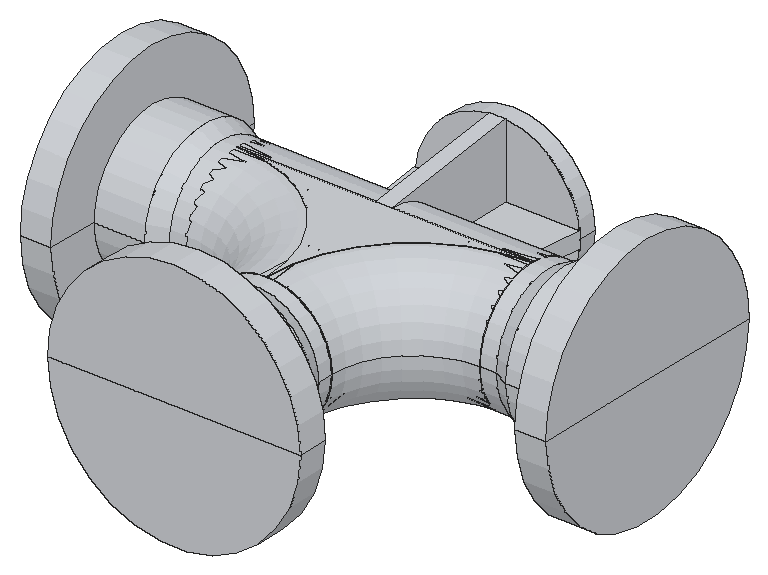
Revit family "f4bb07d4e27b45dbbf25cbc73e04238e", category Pipe Fittings, Revit 2021
Family settings
  Round Connector Dimension = Use Radius
  Part Type = Tee
  OmniClass Number = 23.60.30.11.14
  OmniClass Title = Pipework Fittings
  Seek Item ID = Tee - PVC - Sch 40-0000-USA-ENU
  Work Plane-Based = No
  Always vertical = Yes
  Cut with Voids When Loaded = No
  Shared = No
Parameters (values of type "Standard")
  Tick Size [instance] = Fitting Outside Diameter * 0.4  # 1.5840"
  Socket Outside Radius [instance] = Socket Outside Diameter / 2  # 2.2400"
  Socket Outside Diameter [instance] = size_lookup(Lookup Table Name, "SOD", 1.1700" + 1.0761 * Nominal Diameter, Nominal Diameter)  # 4.4800"
  Socket Depth [instance] = if(Nominal Diameter < 14.0000", 2.5000", if(Nominal Diameter < 30.0000", 3.5000", 4.0000"))  # 2.5000"
  Round Base Radius [instance] = Round Base Diameter / 2  # 2.5000"
  Round Base Diameter [instance] = size_lookup(Lookup Table Name, "RBD", 4.7200" + 0.4269 * Nominal Diameter, Nominal Diameter)  # 5.0000"
  Rib Thickness [instance] = size_lookup(Lookup Table Name, "RThk", 0.4900" + 0.0322 * Nominal Diameter, Nominal Diameter)  # 0.5000"
  Lookup Table Name = "Base Tee - MJ - DI - Class 350"
  Length 1 [instance] = if(Fitting Outside Radius > Round Base Radius, Round Base Radius, Fitting Outside Radius)  # 1.9800"
  Fitting Outside Radius [instance] = Fitting Outside Diameter / 2  # 1.9800"
  Fitting Outside Diameter [instance] = size_lookup(Lookup Table Name, "FOD", 0.6800" + 1.0453 * Nominal Diameter, Nominal Diameter)  # 3.9600"
  Nominal Radius [instance] = 1.5000"
  Nominal Diameter [instance] = Nominal Radius * 2  # 3.0000"
  Loss Method = K Coefficient from Table
  K Coefficient Table = "Tee"
  Default Elevation = 0.0000"
  Bevel Length [instance] = size_lookup(Lookup Table Name, "BvLgt", 0.4900" + 0.0308 * Nominal Diameter, Nominal Diameter)  # 0.5200"
  Center to Socket Bottom [instance] = size_lookup(Lookup Table Name, "CtSB", 3.2500" + 0.754 * Nominal Diameter, Nominal Diameter)  # 5.5000"
  Center to Face [instance] = size_lookup(Lookup Table Name, "CtF", 3.1100" + 0.6542 * Nominal Diameter, Nominal Diameter)  # 4.8800"
  Center Radius Label [instance] = if(Center to Socket Bottom - Center Radius - Bevel Length < 0.5000", Center to Socket Bottom - Bevel Length - 0.5000", Center Radius)  # 4.4800"
  Center Radius [instance] = size_lookup(Lookup Table Name, "CRad", 2.7600" + 0.7232 * Nominal Diameter, Nominal Diameter)  # 4.9800"
  Base Thickness [instance] = size_lookup(Lookup Table Name, "BThk", 0.5900" + 0.0271 * Nominal Diameter, Nominal Diameter)  # 0.5600"
  Gland Width [instance] = size_lookup(Lookup Table Name, "GWid", 0.8600" + 0.0318 * Nominal Diameter, Nominal Diameter)  # 0.9400"
  Gland Outside Radius [instance] = Gland Outside Diameter / 2  # 3.8450"
  Gland Outside Diameter [instance] = size_lookup(Lookup Table Name, "GOD", 4.3800" + 1.1302 * Nominal Diameter, Nominal Diameter)  # 7.6900"
  Angle [instance] = 90.00°  # constant formula
Reference planes (in)
  plane 1 "Center (Front/Back)": y = 0
  plane 2: z = 0
  plane 3 "Center (Left/Right)": x = 0
  plane 4: y = -5.5
  plane 5: y = 3.845
  plane 6: y = 2.24
  plane 7: y = 1.98
  plane 8: x = -8
  plane 9: x = -7.06
  plane 10: x = -4.98
  plane 11: x = -5.5
  plane 12: x = 8
  plane 13: x = 7.06
  plane 14: x = 4.98
  plane 15: x = 5.5
  plane 16: x = -1.98
  plane 17: x = -2.24
  plane 18: x = -3.845
  plane 19: y = -4.98
  plane 20: y = -8
  plane 21: y = -7.06
  plane 22: y = -4.48
  plane 23: x = -4.48
  plane 24: x = 4.48
  plane 25: z = 1.98
  plane 26: z = -1.98
  plane 27: y = 1.584
  plane 28: y = -1.584
  plane 29: x = -1.584
  plane 30: x = 1.584
  plane 31: y = 4.32
  plane 32: y = 4.88
  plane 33: x = -2.5
  plane 34: x = 2.5
  plane 35: x = -0.25
  plane 36: x = 0.25
  plane 37: z = 2.5
  plane 38: z = -2.5
  plane 39: z = 1.98
  plane 40: z = -1.98
  plane 41: z = 0.25
  plane 42: z = -0.25
Forms (in)
  Revolve 1, solid, detail levels fine
    sketch origin (0, 0, 0) x (1, 0, 0) y (0, 1, 0)
      loop
        line (-8, 0) -> (8, 0) -> (8, 3.845) -> (7.06, 3.845) -> (7.06, 2.24) -> (5.5, 2.24) -> (4.98, 1.98) -> (-4.98, 1.98) -> (-5.5, 2.24) -> (-7.06, 2.24) -> (-7.06, 3.845) -> (-8, 3.845) -> (-8, 0)
      axis (-8, 0) -> (8, 0)
    angle from 0 to 360
  Sweep 2, solid, detail levels fine
    path origin (0, 0, 0) x (1, 0, 0) y (0, 1, 0)
      loop
        arc (-4.48, 0) -> (-1.31216, -1.31216) -> (0, -4.48) r 4.48
    profile origin (0, -4.48, 0) x (1, 0, 0) y (0, 0, 1)
      loop
        circle (0, 0) r 1.98
  Sweep 3, solid, detail levels fine
    path origin (0, 0, 0) x (-1, 0, 0) y (0, 1, 0)
      loop
        arc (-4.48, 0) -> (-1.31216, -1.31216) -> (0, -4.48) r 4.48
    profile origin (0, -4.48, 0) x (1, 0, 0) y (0, 0, 1)
      loop
        circle (0, 0) r 1.98
  Revolve 4, solid, detail levels fine
    sketch origin (0, 0, 0) x (1, 0, 0) y (0, 1, 0)
      loop
        line (0, -4.98) -> (-1.98, -4.98) -> (-2.24, -5.5) -> (-2.24, -7.06) -> (-3.845, -7.06) -> (-3.845, -8) -> (0, -8) -> (0, -4.98)
      loop
        line (0, 4.32) -> (0, 4.88) -> (-2.5, 4.88) -> (-2.5, 4.32) -> (0, 4.32)
      axis (0, 4.88) -> (0, -8)
    angle from 0 to 360
  Extrusion 5, solid, detail levels fine
    sketch origin (0, 0, 0) x (1, 0, 0) y (0, 1, 0)
      loop
        arc (-4.48, 0) -> (-1.31216, -1.31216) -> (0, -4.48) r 4.48
        arc (0, -4.48) -> (1.31216, -1.31216) -> (4.48, 0) r 4.48
        line (4.48, 0) -> (-4.48, 0)
    from -1.98 to 1.98
  Extrusion 6, solid, detail levels fine
    sketch origin (0, 0, 0) x (0, 1, 0) y (0, 0, 1)
      loop
        line (4.32, 2.5) -> (0, 1.98) -> (0, -1.98) -> (4.32, -2.5) -> (4.32, 2.5)
    from -0.25 to 0.25
  Extrusion 7, solid, detail levels fine
    sketch origin (0, 0, 0) x (1, 0, 0) y (0, 1, 0)
      loop
        line (-2.5, 4.32) -> (-1.98, 0) -> (1.98, 0) -> (2.5, 4.32) -> (-2.5, 4.32)
    from -0.25 to 0.25
  Extrusion 8, solid, detail levels fine
    sketch origin (0, 0, 0) x (1, 0, 0) y (0, 0, 1)
      loop
        circle (0, 0) r 1.98
    from 4.48 to 5.5
Cuts and joins
  joined: Revolve 1, Revolve 4, Extrusion 6, Extrusion 7, Extrusion 8
Lines and regions (in)
  model lines, detail levels coarse+medium
    curve 1: line (-8, 1.584, 0) -> (-8, -1.584, 0)
    curve 2: line (8, 1.584, 0) -> (8, -1.584, 0)
    curve 3: line (-1.584, -8, 0) -> (1.584, -8, 0)
    curve 6: line (-0.25, 4.88, 0) -> (-0.25, 0, 0)
    curve 7: line (0.25, 0, 0) -> (0.25, 4.88, 0)
  model lines, style "PipeFitting", detail levels coarse+medium
    curve 4: line (-8, 0, 0) -> (8, 0, 0)
    curve 5: line (0, 0, 0) -> (0, -8, 0)
Dimensions and locks (in)
  "Center to Socket Bottom": plane 4 to plane 1 "Center (Front/Back)"
  "Fitting Outside Radius": plane 7 to plane 1 "Center (Front/Back)"
  "Socket Outside Radius": plane 6 to plane 1 "Center (Front/Back)"
  "Gland Outside Radius": plane 5 to plane 1 "Center (Front/Back)"
  "Gland Width": plane 8 to plane 9
  "Socket Depth": plane 8 to plane 11
  "Bevel Length": plane 11 to plane 10
  "Center to Socket Bottom": plane 11 to plane 3 "Center (Left/Right)"
  "Gland Width": plane 12 to plane 13
  "Socket Depth": plane 12 to plane 15
  "Bevel Length": plane 14 to plane 15
  "Center to Socket Bottom": plane 3 "Center (Left/Right)" to plane 15
  "Fitting Outside Radius": plane 16 to plane 3 "Center (Left/Right)"
  "Socket Outside Radius": plane 17 to plane 3 "Center (Left/Right)"
  "Gland Outside Radius": plane 18 to plane 3 "Center (Left/Right)"
  "Bevel Length": plane 19 to plane 4
  "Gland Width": plane 21 to plane 20
  "Socket Depth": plane 4 to plane 20
  "Center Radius Label": plane 1 "Center (Front/Back)" to plane 22
  "Center Radius Label": plane 23 to plane 3 "Center (Left/Right)"
  "Center Radius Label": plane 3 "Center (Left/Right)" to plane 24
  "Fitting Outside Radius": plane 25 to plane 2
  "Fitting Outside Radius": plane 26 to level
  "Tick Size": plane 1 "Center (Front/Back)" to plane 28
  "Tick Size": plane 27 to plane 1 "Center (Front/Back)"
  "Tick Size": plane 3 "Center (Left/Right)" to plane 30
  "Tick Size": plane 29 to plane 3 "Center (Left/Right)"
  "Fitting Outside Radius": Revolve 4 sketch curve to plane 3 "Center (Left/Right)"
  "Base Thickness": plane 32 to plane 31
  "Center to Face": plane 32 to plane 1 "Center (Front/Back)"
  "Round Base Radius": plane 33 to plane 3 "Center (Left/Right)"
  "Round Base Radius": plane 3 "Center (Left/Right)" to plane 34
  "Rib Thickness": plane 35 to plane 36
  equal spacing: plane 35, plane 3 "Center (Left/Right)", plane 36
  "Round Base Radius": plane 37 to plane 2
  "Round Base Radius": plane 38 to plane 2
  "Length 1": plane 40 to plane 2
  "Length 1": plane 39 to plane 2
  equal spacing: plane 42, plane 2, plane 41
  "Rib Thickness": plane 41 to plane 42
  "Length 1": plane 3 "Center (Left/Right)" to Extrusion 7 sketch curve
  "Length 1": Extrusion 7 sketch curve to plane 3 "Center (Left/Right)"
  "Center Radius Label": radius of Sweep 2 sketch curve
  "Fitting Outside Radius": radius of Sweep 2 sketch curve
  "Center Radius Label": radius of Sweep 3 sketch curve
  "Fitting Outside Radius": radius of Sweep 3 sketch curve
  "Center Radius Label": radius of Extrusion 5 sketch curve  (x2)
  "Fitting Outside Radius": radius of Extrusion 8 sketch curve
  aligned and locked: plane 1 "Center (Front/Back)" to Revolve 1 sketch curve
  aligned and locked: plane 8 to Revolve 1 sketch curve
  aligned and locked: Revolve 1 sketch curve to plane 5  (x2)
  aligned and locked: Revolve 1 sketch curve to plane 7
  aligned and locked: Revolve 1 sketch curve to plane 6  (x2)
  aligned and locked: Revolve 1 sketch curve to plane 13
  aligned and locked: plane 12 to Revolve 1 sketch curve
  aligned and locked: Revolve 1 sketch curve to plane 9
  aligned and locked: Revolve 1 sketch curve to Revolve 1 sketch curve
  aligned and locked: plane 11 to Revolve 1 sketch curve
  aligned and locked: plane 10 to Revolve 1 sketch curve
  aligned and locked: plane 14 to Revolve 1 sketch curve
  aligned and locked: plane 15 to Revolve 1 sketch curve
  aligned and locked: plane 22 to Sweep 2 sketch curve
  aligned and locked: plane 23 to Sweep 2 sketch curve
  aligned and locked: Revolve 4 sketch curve to plane 3 "Center (Left/Right)"  (x2)
  aligned and locked: plane 24 to Sweep 3 sketch curve
  aligned and locked: plane 22 to Sweep 3 sketch curve
  aligned and locked: plane 23 to Extrusion 5 sketch curve  (x2)
  aligned and locked: plane 22 to Extrusion 5 sketch curve  (x3)
  aligned and locked: plane 24 to Extrusion 5 sketch curve  (x3)
  aligned and locked: plane 1 "Center (Front/Back)" to Extrusion 5 sketch curve  (x2)
  aligned and locked: plane 26 to Extrusion 5
  aligned and locked: plane 25 to Extrusion 5
  aligned and locked: plane 30 to curve 3
  aligned and locked: plane 29 to curve 3
  aligned and locked: curve 3 to plane 20
  aligned and locked: plane 28 to curve 2
  aligned and locked: plane 27 to curve 2
  aligned and locked: plane 12 to curve 2
  aligned and locked: plane 28 to curve 1
  aligned and locked: plane 27 to curve 1
  aligned and locked: curve 1 to plane 8
  aligned and locked: curve 5 to plane 3 "Center (Left/Right)"
  aligned and locked: plane 8 to curve 4
  aligned and locked: plane 12 to curve 4
  aligned and locked: plane 20 to curve 5
  aligned and locked: plane 1 "Center (Front/Back)" to curve 5
  aligned and locked: plane 19 to Revolve 4 sketch curve
  aligned and locked: Extrusion 6 sketch curve to plane 31
  aligned and locked: plane 1 "Center (Front/Back)" to Extrusion 6 sketch curve
  aligned and locked: plane 39 to Extrusion 6 sketch curve
  aligned and locked: plane 40 to Extrusion 6 sketch curve
  aligned and locked: plane 38 to Extrusion 6 sketch curve
  aligned and locked: plane 37 to Extrusion 6 sketch curve
  aligned and locked: Extrusion 6 to plane 35
  aligned and locked: Extrusion 6 to plane 36
  aligned and locked: Revolve 4 sketch curve to plane 32
  aligned and locked: plane 31 to Revolve 4 sketch curve
  aligned and locked: plane 33 to Revolve 4 sketch curve
  aligned and locked: Extrusion 7 sketch curve to plane 31
  aligned and locked: plane 33 to Extrusion 7 sketch curve
  aligned and locked: plane 34 to Extrusion 7 sketch curve
  aligned and locked: Extrusion 7 sketch curve to plane 1 "Center (Front/Back)"
  aligned and locked: plane 42 to Extrusion 7
  aligned and locked: plane 41 to Extrusion 7
  aligned and locked: plane 1 "Center (Front/Back)" to curve 7
  aligned and locked: plane 32 to curve 6
  aligned and locked: plane 32 to curve 7
  aligned and locked: curve 7 to plane 36
  aligned and locked: curve 6 to plane 35
  aligned and locked: plane 22 to Extrusion 8
  aligned and locked: Extrusion 8 to plane 4
Automatic sketch dimensions
  Revolve 1 sketch curve to plane 8 = 1.01143"
  Revolve 1 sketch curve to plane 12 = 1.76143"
  Sweep 2 sketch curve to level = 0.0000"
  profile plane to Sweep 2 sketch curve = 0.0000"
  Sweep 3 sketch curve to level = 0.0000"
  profile plane to Sweep 3 sketch curve = 0.0000"
  Extrusion 5 sketch curve to plane 23 = 0.0000"
  Revolve 4 sketch curve to plane 18 = 0.0000"
  Revolve 4 sketch curve to plane 17 = 0.0000"
  Revolve 4 sketch curve to plane 3 "Center (Left/Right)" = 0.0000"
  Revolve 4 sketch curve to plane 20 = 0.0000"
  Revolve 4 sketch curve to plane 21 = 0.0000"
  Revolve 4 sketch curve to plane 4 = 0.0000"
  Revolve 4 sketch curve to plane 20 = 5.5000"
  plane 1 "Center (Front/Back)" to Revolve 4 sketch curve = 3.7500"
  Extrusion 8 sketch curve to level = 0.0000"
  Extrusion 8 sketch curve to plane 3 "Center (Left/Right)" = 0.0000"
Connectors (in)
  piping at (-8, 0, 0), diameter 3, driven by "Nominal Radius"
    settings: on Revolve 1, index 1, connector inside diameter 3.0000", connector length 0.0000", flow factor 0, pipe flow 0 GPM, pressure drop 0.00 psi, fitting loss kfactor 0, connector angle 0.00°, fixture units 0, engagement length 0.0000", angle of deflection 0.00°, flow configuration 0, flow direction 0, fitting loss method 0, system type 28, joint type 0, gender type 0, connector reference index 2, connector utility 0, adjustable connector no, is connector primary yes, connector description ""
  piping at (8, 0, 0), diameter 3, driven by "Nominal Radius"
    settings: on cut or joined group of Revolve 1, Revolve 4, Extrusion 6, Extrusion 7, Extrusion 8, index 2, connector inside diameter 3.0000", connector length 0.0000", flow factor 0, pipe flow 0 GPM, pressure drop 0.00 psi, fitting loss kfactor 0, connector angle 0.00°, fixture units 0, engagement length 0.0000", angle of deflection 0.00°, flow configuration 0, flow direction 0, fitting loss method 0, system type 28, joint type 0, gender type 0, connector reference index 1, connector utility 0, adjustable connector no, is connector primary no, connector description ""
  piping at (0, -8, 0), diameter 3, driven by "Nominal Radius"
    settings: on cut or joined group of Revolve 1, Revolve 4, Extrusion 6, Extrusion 7, Extrusion 8, index 3, connector inside diameter 3.0000", connector length 0.0000", flow factor 0, pipe flow 0 GPM, pressure drop 0.00 psi, fitting loss kfactor 0, connector angle 0.00°, fixture units 0, engagement length 0.0000", angle of deflection 0.00°, flow configuration 0, flow direction 0, fitting loss method 0, system type 28, joint type 0, gender type 0, connector reference index -1, connector utility 0, adjustable connector no, is connector primary no, connector description ""
